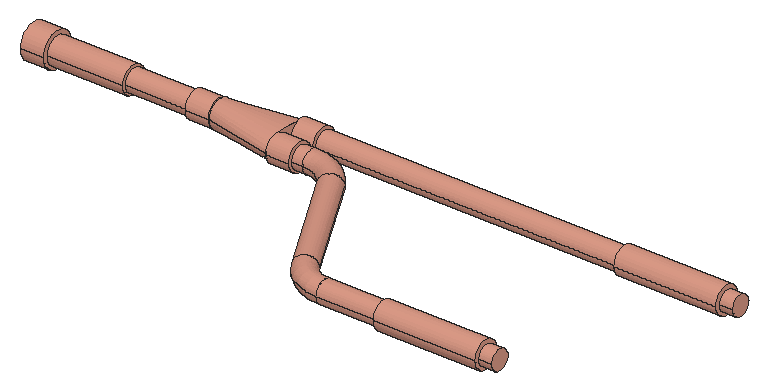
Revit family "outputfile", category 配管付属品, Revit 2024
Family settings
  丸型コネクタ寸法 = 半径を使用
  パーツ タイプ = 標準
  OmniClass 番号 = 23.65.55.00
  OmniClass タイトル = Distribution of Supplied Liquids/Gases
  作業面ベース = いいえ
  常に垂直 = はい
  ロード時にボイドで切り取り = いいえ
  共有 = いいえ
Parameters (values of type "BHRP26A33T")
  Description = ""
  製造元 = "Daikin"
  書き出し IFC クラス(タイプ) = "IfcPipeFittingType"
  定義済み IFC タイプ(タイプ) = "JUNCTION"
  Cost = 0
  Type Comments = ""
  Keynote = ""
  Type Image = (empty or 0)
  Assembly Code = ""
  mm⇔inch [instance] = yes
  l_InletPipe4 = 10.0 mm
  built-in parameter 1114242 [instance] = (empty or 0)
  Default Elevation = 0.0 mm
  モデル = "BHRP26A33T"
  table_StraightPipe [instance] = if(mm⇔inch, "Refnet Joint_BHRP26A-T_Liquid_StraightPipe", "Refnet Joint_BHRP26A-T_Liquid_StraightPipe_inch")  # "Refnet Joint_BHRP26A-T_Liquid_StraightPipe"
  table_BranchPipe [instance] = if(mm⇔inch, "Refnet Joint_BHRP26A-T_Liquid_BranchPipe", "Refnet Joint_BHRP26A-T_Liquid_BranchPipe_inch")  # "Refnet Joint_BHRP26A-T_Liquid_BranchPipe"
  table_Inlet [instance] = if(mm⇔inch, "Refnet Joint_BHRP26A-T_Liquid_Inlet", "Refnet Joint_BHRP26A-T_Liquid_Inlet_inch")  # "Refnet Joint_BHRP26A-T_Liquid_Inlet"
  switch_StraightPipe_Reducer [instance] = if(Is_StraightPipe Reducer = 1, 1 = 1, 1 = 0)  # no
  switch_StraightPipe3 [instance] = if(number_StraightPipe = 3, 1 = 1, 1 = 0)  # no
  switch_StraightPipe2 [instance] = if(number_StraightPipe < 2, 1 = 0, 1 = 1)  # yes
  switch_BranchPipe_Reducer [instance] = if(Is_BranchPipe Reducer = 1, 1 = 1, 1 = 0)  # no
  switch_BranchPipe3 [instance] = if(number_BranchPipe = 3, 1 = 1, 1 = 0)  # no
  switch_BranchPipe2 [instance] = if(number_BranchPipe < 2, 1 = 0, 1 = 1)  # yes
  switch_Inlet pipe_Reducer [instance] = if(Is_Inlet Reducer = 1, 1 = 1, 1 = 0)  # no
  switch_Inlet pipe3 [instance] = if(number_InletPipe = 3, 1 = 1, 1 = 0)  # no
  switch_Inlet pipe2 [instance] = if(number_InletPipe < 2, 1 = 0, 1 = 1)  # yes
  Uniclass2015Version = "Products v1.31"
  Uniclass2015Title = "Copper pipe fittings"
  Uniclass2015Code = "Pr_65_52_63_18"
  URL = ""
  StraightPipe_Liquid_ActualDiameter [instance] = 6.4 mm
  Material_Piping = DAIKIN_Copper_Pipe
  Material_Insulation = DAIKIN_White_Insulation
  lw_Insulation [instance] = size_lookup(table_Inlet, "lw_Insulation", 38.0 mm, モデル)  # 28.0 mm
  Unit Type = "BHRP26A-T_Liquid"
  Tag No. [instance] = ""
  StraightPipe_Liquid_Status [instance] = size_lookup(table_StraightPipe, "Information", "The connected pipe size is not available.", モデル, StraightPipe_Liquid_ActualDiameter)  # "Default connector size is used."
  Link_Nested Family [instance] = ""
  Inlet_Liquid_Actual Diameter [instance] = 12.7 mm
  IfcVersion = ""
  IfcExportType = "JUNCTION"
  IfcExportAs = "IfcPipeFittingType"
  BranchPipe_Liquid_Status [instance] = size_lookup(table_BranchPipe, "Information", "The connected pipe size is not available.", モデル, BranchPipe_Liquid_ActualDiameter)  # "Default connector size is used."
  Inlet_Liquid_Status [instance] = size_lookup(table_Inlet, "Information", "The connected pipe size is not available.", モデル, Inlet_Liquid_Actual Diameter)  # "Default connector size is used."
  Series = "Refnet Joint"
  O.R_dividePipe_Inlet [instance] = (I.D_InletPipe1 + 2.0 mm) / 2  # 5.75 mm
  r_StraightPipe_Connector [instance] = StraightPipe_Liquid_ActualDiameter / 2  # 3.2 mm
  r_BranchPipe_Connector [instance] = BranchPipe_Liquid_ActualDiameter / 2  # 3.2 mm
  r_Inlet_Connector [instance] = Inlet_Liquid_Actual Diameter / 2  # 6.35 mm
  number_StraightPipe [instance] = size_lookup(table_StraightPipe, "pipeNumber", 2, モデル, StraightPipe_Liquid_ActualDiameter)  # 2
  number_BranchPipe [instance] = size_lookup(table_BranchPipe, "pipeNumber", 2, モデル, BranchPipe_Liquid_ActualDiameter)  # 2
  number_InletPipe [instance] = size_lookup(table_Inlet, "pipeNumber", 1, モデル, Inlet_Liquid_Actual Diameter)  # 2
  r_BranchPipeR [instance] = size_lookup(table_BranchPipe, "r_offsetPipeR", 18.0 mm, モデル, BranchPipe_Liquid_ActualDiameter)  # 18.0 mm
  l_BranchPipe_Straight2 [instance] = size_lookup(table_BranchPipe, "L_offsetPipe2", 25.5 mm, モデル)  # 25.5 mm
  l_BranchPipe_Straight1 [instance] = size_lookup(table_BranchPipe, "L_offsetPipe1", 5.0 mm, モデル)  # 5.0 mm
  l_BranchPipe connector [instance] = size_lookup(table_BranchPipe, "Length", 150.0 mm, モデル, BranchPipe_Liquid_ActualDiameter)  # 150.0 mm
  l_inlet connector [instance] = size_lookup(table_Inlet, "Length", 70.0 mm, モデル, Inlet_Liquid_Actual Diameter)  # 80.0 mm
  l_dividePipe [instance] = size_lookup(table_Inlet, "L_devidePipe", 30.0 mm, モデル)  # 30.0 mm
  l_StraightPipeReducer [instance] = size_lookup(table_StraightPipe, "L_Reducer", 80.0 mm, モデル, StraightPipe_Liquid_ActualDiameter)  # 80.0 mm
  l_StraightPipe3 [instance] = size_lookup(table_StraightPipe, "L_Pipe3", 2.0 mm, モデル)  # 2.0 mm
  l_StraightPipe2 [instance] = size_lookup(table_StraightPipe, "L_Pipe2", 6.0 mm, モデル)  # 6.0 mm
  l_StraightPipe1 [instance] = size_lookup(table_StraightPipe, "L_Pipe1", 44.0 mm, モデル)  # 44.0 mm
  l_StraightPipe0 [instance] = size_lookup(table_StraightPipe, "L_Pipe0", 130.0 mm, モデル)  # 130.0 mm
  l_StraightPipe connector [instance] = size_lookup(table_StraightPipe, "Length", 190.0 mm, モデル, StraightPipe_Liquid_ActualDiameter)  # 190.0 mm
  l_BranchPipe Reducer [instance] = size_lookup(table_BranchPipe, "L_Reducer", 50.0 mm, モデル, BranchPipe_Liquid_ActualDiameter)  # 50.0 mm
  l_BranchPipe3 [instance] = size_lookup(table_BranchPipe, "L_Pipe3", 2.0 mm, モデル)  # 2.0 mm
  l_BranchPipe2 [instance] = size_lookup(table_BranchPipe, "L_Pipe2", 6.0 mm, モデル)  # 6.0 mm
  l_BranchPipe1 [instance] = size_lookup(table_BranchPipe, "L_Pipe1", 44.0 mm, モデル)  # 44.0 mm
  l_BranchPipe0 [instance] = size_lookup(table_BranchPipe, "L_Pipe0", 90.0 mm, モデル)  # 90.0 mm
  l_InletReducer [instance] = size_lookup(table_Inlet, "L_Reducer", 80.0 mm, モデル, Inlet_Liquid_Actual Diameter)  # 80.0 mm
  l_InletPipe3 [instance] = size_lookup(table_Inlet, "L_Pipe3", 2.0 mm, モデル)  # 2.0 mm
  l_InletPipe2 [instance] = size_lookup(table_Inlet, "L_Pipe2", 2.0 mm, モデル)  # 10.0 mm
  l_InletPipe1 [instance] = size_lookup(table_Inlet, "L_Pipe1", 7.0 mm, モデル)  # 33.0 mm
  l_InletPipe0 [instance] = size_lookup(table_Inlet, "L_Pipe0", 53.0 mm, モデル)  # 27.0 mm
  center_StraightPipe [instance] = size_lookup(table_StraightPipe, "center_Pipe", 6.5 mm, モデル)  # 6.5 mm
  center_BranchPipe2 [instance] = size_lookup(table_BranchPipe, "center_OffsetPipe", 73.5 mm, モデル)  # 73.5 mm
  center_BranchPipe1 [instance] = size_lookup(table_BranchPipe, "center_Pipe", 6.5 mm, モデル)  # 6.5 mm
  StraightPipe_Liquid_AvailableDiameter [instance] = size_lookup(table_StraightPipe, "sizeVariation", "", モデル)  # "6.4/9.5mm"
  BranchPipe_Liquid_AvailableDiameter [instance] = size_lookup(table_BranchPipe, "sizeVariation", "", モデル)  # "6.4/9.5mm"
  Inlet_Liquid_Available Diameter [instance] = size_lookup(table_Inlet, "sizeVariation", "", モデル)  # "9.5/12.7mm"
  O.D_StraightPipe Reducer [instance] = size_lookup(table_StraightPipe, "O.D_reducer", 2.0 mm, モデル, StraightPipe_Liquid_ActualDiameter)  # 2.0 mm
  O.D_Offset Outlet Reducer [instance] = size_lookup(table_BranchPipe, "O.D_reducer", 2.0 mm, モデル, BranchPipe_Liquid_ActualDiameter)  # 2.0 mm
  O.D_Inlet Reducer [instance] = size_lookup(table_Inlet, "O.D_reducer", 2.0 mm, モデル, Inlet_Liquid_Actual Diameter)  # 2.0 mm
  Is_StraightPipe Reducer [instance] = size_lookup(table_StraightPipe, "IsReducer", 0, モデル, StraightPipe_Liquid_ActualDiameter)  # 0
  Is_BranchPipe Reducer [instance] = size_lookup(table_BranchPipe, "IsReducer", 0, モデル, BranchPipe_Liquid_ActualDiameter)  # 0
  Is_Inlet Reducer [instance] = size_lookup(table_Inlet, "IsReducer", 0, モデル, Inlet_Liquid_Actual Diameter)  # 0
  BranchPipe_Liquid_ActualDiameter [instance] = 6.4 mm
  Attach_Insulation [instance] = no
  I.D_StraightPipe3 [instance] = size_lookup(table_StraightPipe, "I.D_PipeSize3", 2.0 mm, モデル)  # 2.0 mm
  I.D_StraightPipe2 [instance] = size_lookup(table_StraightPipe, "I.D_PipeSize2", 6.4 mm, モデル)  # 6.4 mm
  I.D_StraightPipe1 [instance] = size_lookup(table_StraightPipe, "I.D_PipeSize1", 9.5 mm, モデル)  # 9.5 mm
  I.D_StraightPipe0 [instance] = size_lookup(table_StraightPipe, "I.D_PipeSize0", 7.5 mm, モデル)  # 7.5 mm
  I.D_BranchPipe3 [instance] = size_lookup(table_BranchPipe, "I.D_PipeSize3", 2.0 mm, モデル)  # 2.0 mm
  I.D_BranchPipe2 [instance] = size_lookup(table_BranchPipe, "I.D_PipeSize2", 6.4 mm, モデル)  # 6.4 mm
  I.D_BranchPipe1 [instance] = size_lookup(table_BranchPipe, "I.D_PipeSize1", 9.5 mm, モデル)  # 9.5 mm
  I.D_BranchPipe0 [instance] = size_lookup(table_BranchPipe, "I.D_PipeSize0", 7.5 mm, モデル)  # 7.5 mm
  I.D_Straight Reducer [instance] = size_lookup(table_StraightPipe, "I.D_reducer", 2.0 mm, モデル, StraightPipe_Liquid_ActualDiameter)  # 2.0 mm
  I.D_OutletPipe [instance] = size_lookup(table_Inlet, "I.D_OutletPipeSize", 9.6 mm, モデル, Inlet_Liquid_Actual Diameter)  # 9.6 mm
  I.D_Branch Reducer [instance] = size_lookup(table_BranchPipe, "I.D_reducer", 2.0 mm, モデル, BranchPipe_Liquid_ActualDiameter)  # 2.0 mm
  I.D_Inlet Reducer [instance] = size_lookup(table_Inlet, "I.D_reducer", 2.0 mm, モデル, Inlet_Liquid_Actual Diameter)  # 2.0 mm
  I.D_InletPipe3 [instance] = size_lookup(table_Inlet, "I.D_PipeSize3", 2.0 mm, モデル)  # 2.0 mm
  I.D_InletPipe2 [instance] = size_lookup(table_Inlet, "I.D_PipeSize2", 2.0 mm, モデル)  # 12.7 mm
  I.D_InletPipe1 [instance] = size_lookup(table_Inlet, "I.D_PipeSize1", 9.5 mm, モデル)  # 9.5 mm
  I.D_InletPipe0 [instance] = size_lookup(table_Inlet, "I.D_PipeSize0", 7.5 mm, モデル)  # 7.5 mm
Reference planes
  plane 1 "Center (Front/Back)": y = 0
  plane 2: z = 0
  plane 3 "base_left": x = 0
  plane 4: x = 2
  plane 5: x = 12
  plane 6: x = 45
  plane 7: x = 72
  plane 8: x = 82
  plane 9: x = 112
  plane 10: x = 122
  plane 11 "center_straight outlet": y = 6.5
  plane 12 "center2_offset outlet": y = -73.5
  plane 13 "center1_offset outlet": y = -6.5
  plane 14: x = 252
  plane 15: x = 296
  plane 16: x = 302
  plane 17: x = 212
  plane 18: x = 256
  plane 19: x = 262
  plane 20: x = 304
  plane 21: x = 264
  plane 22 "Reducer_straightoutlet": x = 262
  plane 23: x = 302
  plane 24: y = -12.25
  plane 25: z = 5.75
  plane 26 "Inlet_connector": x = 2
  plane 27 "Left_Insulation": x = 54
Forms (mm)
  SweptBlend 1, solid, material "DAIKIN_Copper_Pipe" <- "Material_Piping"
    path origin (0, 0, 0) x (1, 0, 0) y (0, 1, 0)
      loop
        line (82, 0) -> (112, 0)
    profile origin (82, 0, 0) x (0, 1, 0) y (0, 0, 1)
      loop
        circle (0, 0) r 5.75
    end profile origin (112, 0, 0) x (0, 1, 0) y (0, 0, 1)
      loop
        spline (-12.25, 0) -> (-11.833, -1.488) -> (-10.609, -2.875) -> (-8.662, -4.066) -> (-6.125, -4.98) -> (-3.171, -5.554) -> (0, -5.75) -> (3.171, -5.554) -> (6.125, -4.98) -> (8.662, -4.066) -> (10.609, -2.875) -> (11.833, -1.488) -> (12.25, 0)
        spline (12.25, 0) -> (11.833, 1.488) -> (10.609, 2.875) -> (8.662, 4.066) -> (6.125, 4.98) -> (3.171, 5.554) -> (0, 5.75) -> (-3.171, 5.554) -> (-6.125, 4.98) -> (-8.662, 4.066) -> (-10.609, 2.875) -> (-11.833, 1.488) -> (-12.25, 0)
Dimensions and locks
  "l_InletPipe3": plane 3 "base_left" to plane 4
  "l_InletPipe2": plane 4 to plane 5
  "l_InletPipe1": plane 5 to plane 6
  "l_InletPipe0": plane 6 to plane 7
  "l_InletPipe4": plane 7 to plane 8
  "center_StraightPipe": plane 1 "Center (Front/Back)" to plane 11 "center_straight outlet"
  "center_BranchPipe2": plane 12 "center2_offset outlet" to plane 1 "Center (Front/Back)"
  "center_BranchPipe1": plane 13 "center1_offset outlet" to plane 1 "Center (Front/Back)"
  "l_dividePipe": plane 8 to plane 9
  plane 9 to plane 10 = 10.0 mm
  "l_StraightPipe0": plane 10 to plane 14
  "l_BranchPipe0": plane 10 to plane 17
  "l_BranchPipe1": plane 17 to plane 18
  "l_BranchPipe2": plane 18 to plane 19
  "l_StraightPipe1": plane 14 to plane 15
  "l_StraightPipe2": plane 15 to plane 16
  "l_StraightPipe3": plane 16 to plane 20
  "l_BranchPipe3": plane 19 to plane 21
  "l_BranchPipe connector": plane 9 to plane 22 "Reducer_straightoutlet"
  "l_StraightPipe connector": plane 9 to plane 23
  "O.R_dividePipe_Inlet": plane 24 to plane 13 "center1_offset outlet"
  "O.R_dividePipe_Inlet": plane 25 to plane 2
  "l_inlet connector": plane 26 "Inlet_connector" to plane 8
  "lw_Insulation": plane 27 "Left_Insulation" to plane 8
  "O.R_dividePipe_Inlet": radius of SweptBlend 1 sketch curve
  aligned and locked: level to plane 2
  aligned and locked: plane 2 to nested 1
  aligned and locked: plane 3 "base_left" to nested 1
  aligned and locked: plane 1 "Center (Front/Back)" to nested 1
  aligned and locked: plane 4 to nested 2
  aligned and locked: plane 1 "Center (Front/Back)" to nested 2
  aligned and locked: plane 5 to nested 2
  aligned and locked: plane 5 to nested 3
  aligned and locked: plane 6 to nested 3
  aligned and locked: plane 6 to nested 4
  aligned and locked: nested 4 to plane 7
  aligned and locked: nested 5 to plane 7
  aligned and locked: nested 5 to plane 8
  aligned and locked: plane 8 to SweptBlend 1 sketch curve
  aligned and locked: plane 9 to SweptBlend 1 sketch curve
  aligned and locked: plane 2 to SweptBlend 1 sketch curve  (x2)
  aligned and locked: plane 1 "Center (Front/Back)" to SweptBlend 1 sketch curve  (x2)
  aligned and locked: nested 6 to plane 9
  aligned and locked: nested 7 to plane 9
  aligned and locked: nested 6 to plane 11 "center_straight outlet"
  aligned and locked: nested 7 to plane 13 "center1_offset outlet"
  aligned and locked: nested 7 to plane 10
  aligned and locked: nested 6 to plane 10
  aligned and locked: nested 8 to plane 10
  aligned and locked: plane 14 to nested 8
  aligned and locked: nested 8 to plane 11 "center_straight outlet"
  aligned and locked: plane 14 to nested 9
  aligned and locked: nested 9 to plane 11 "center_straight outlet"
  aligned and locked: plane 15 to nested 9
  aligned and locked: nested 10 to plane 11 "center_straight outlet"
  aligned and locked: plane 15 to nested 10
  aligned and locked: plane 16 to nested 10
  aligned and locked: nested 11 to plane 12 "center2_offset outlet"
  aligned and locked: plane 17 to nested 11
  aligned and locked: plane 18 to nested 11
  aligned and locked: nested 12 to plane 12 "center2_offset outlet"
  aligned and locked: plane 18 to nested 12
  aligned and locked: plane 19 to nested 12
  aligned and locked: nested 13 to plane 10
  aligned and locked: nested 13 to plane 13 "center1_offset outlet"
  aligned and locked: nested 13 to plane 12 "center2_offset outlet"
  aligned and locked: plane 8 to nested 14
  aligned and locked: plane 1 "Center (Front/Back)" to nested 14
  aligned and locked: plane 11 "center_straight outlet" to nested 15
  aligned and locked: nested 15 to plane 9
  aligned and locked: nested 16 to plane 9
  aligned and locked: plane 12 "center2_offset outlet" to nested 16
  aligned and locked: nested 17 to plane 1 "Center (Front/Back)"
  aligned and locked: plane 16 to nested 18
  aligned and locked: plane 20 to nested 18
  aligned and locked: plane 19 to nested 19
  aligned and locked: plane 21 to nested 19
  aligned and locked: nested 20 to plane 12 "center2_offset outlet"
  aligned and locked: plane 23 to nested 21
  aligned and locked: nested 21 to plane 11 "center_straight outlet"
  aligned and locked: plane 4 to nested 1
  aligned and locked: plane 24 to SweptBlend 1 sketch curve
  aligned and locked: plane 25 to SweptBlend 1 sketch curve
  aligned and locked: nested 19 to plane 12 "center2_offset outlet"
  aligned and locked: nested 18 to plane 11 "center_straight outlet"
  aligned and locked: nested 17 to plane 26 "Inlet_connector"
  aligned and locked: plane 22 "Reducer_straightoutlet" to nested 20
  aligned and locked: plane 27 "Left_Insulation" to nested 22
  aligned and locked: plane 1 "Center (Front/Back)" to nested 22
Automatic sketch dimensions
  plane 1 "Center (Front/Back)" to SweptBlend 1 sketch curve = 0.0 mm
Nested families
  nested 1: "daikin_Pipe" at (1, 0, 0), I.D_Pipe <- "I.D_InletPipe3", display <- "switch_Inlet pipe3", type "*"
    with length_Pipe 2.0 mm, display no, O.D_Pipe 4.0 mm, I.D_Pipe 2.0 mm
  nested 2: "daikin_Pipe" at (7, 0, 0), I.D_Pipe <- "I.D_InletPipe2", display <- "switch_Inlet pipe2", type "*"
    with length_Pipe 10.0 mm, display yes, O.D_Pipe 14.7 mm, I.D_Pipe 12.7 mm
  nested 3: "daikin_Pipe" at (28.5, 0, 0), I.D_Pipe <- "I.D_InletPipe1", type "*"
    with length_Pipe 33.0 mm, display yes, O.D_Pipe 11.5 mm, I.D_Pipe 9.5 mm
  nested 4: "daikin_Pipe" at (58.5, 0, 0), I.D_Pipe <- "I.D_InletPipe0", type "*"
    with length_Pipe 27.0 mm, display yes, O.D_Pipe 9.5 mm, I.D_Pipe 7.5 mm
  nested 5: "daikin_Pipe" at (77, 0, 0), I.D_Pipe <- "I.D_InletPipe1", type "*"
    with length_Pipe 10.0 mm, display yes, O.D_Pipe 11.5 mm, I.D_Pipe 9.5 mm
  nested 6: "daikin_Pipe" at (117, 6.5, 0), I.D_Pipe <- "I.D_OutletPipe", type "*"
    with length_Pipe 10.0 mm, display yes, O.D_Pipe 11.6 mm, I.D_Pipe 9.6 mm
  nested 7: "daikin_Pipe" at (117, -6.5, 0), I.D_Pipe <- "I.D_OutletPipe", type "*"
    with length_Pipe 10.0 mm, display yes, O.D_Pipe 11.6 mm, I.D_Pipe 9.6 mm
  nested 8: "daikin_Pipe" at (187, 6.5, 0), I.D_Pipe <- "I.D_StraightPipe0", type "*"
    with length_Pipe 130.0 mm, display yes, O.D_Pipe 9.5 mm, I.D_Pipe 7.5 mm
  nested 9: "daikin_Pipe" at (274, 6.5, 0), I.D_Pipe <- "I.D_StraightPipe1", type "*"
    with length_Pipe 44.0 mm, display yes, O.D_Pipe 11.5 mm, I.D_Pipe 9.5 mm
  nested 10: "daikin_Pipe" at (299, 6.5, 0), I.D_Pipe <- "I.D_StraightPipe2", display <- "switch_StraightPipe2", type "*"
    with length_Pipe 6.0 mm, display yes, O.D_Pipe 8.4 mm, I.D_Pipe 6.4 mm
  nested 11: "daikin_Pipe" at (234, -73.5, 0), I.D_Pipe <- "I.D_BranchPipe1", type "*"
    with length_Pipe 44.0 mm, display yes, O.D_Pipe 11.5 mm, I.D_Pipe 9.5 mm
  nested 12: "daikin_Pipe" at (259, -73.5, 0), I.D_Pipe <- "I.D_BranchPipe2", display <- "switch_BranchPipe2", type "*"
    with length_Pipe 6.0 mm, display yes, O.D_Pipe 8.4 mm, I.D_Pipe 6.4 mm
  nested 13: "daikin_Pipe Ofsset" at (122, -6.5, 0), I.D_Pipe size <- "I.D_BranchPipe0", length_straight pipe1 <- "l_BranchPipe_Straight1", length_straight pipe2 <- "l_BranchPipe_Straight2", r_Pipe R <- "r_BranchPipeR", length_Pipe <- "l_BranchPipe0", type "*"
    with r_Pipe R 18.0 mm, length_straight pipe2 25.5 mm, length_straight pipe1 5.0 mm, length_offset center 67.0 mm, length_Pipe 90.0 mm, O.D_Pipe size 9.5 mm, I.D_Pipe size 7.5 mm
  nested 14: "daikin_connector_rotate2" at (82, 0, 0) x (0, -1, 0) z (0, 0, 1), length <- "l_inlet connector", type "daikin_connector_rotate2"
    with radius 5.0 mm, length 80.0 mm, angle_vertical 90.00°, locaton_mark no
  nested 15: "daikin_connector_rotate2" at (112, 6.5, 0) x (0, 1, 0) z (0, 0, 1), length <- "l_StraightPipe connector", type "daikin_connector_rotate2"
    with radius 5.0 mm, length 190.0 mm, angle_vertical 90.00°, locaton_mark no
  nested 16: "daikin_connector_rotate2" at (112, -73.5, 0) x (0, 1, 0) z (0, 0, 1), length <- "l_BranchPipe connector", type "daikin_connector_rotate2"
    with radius 5.0 mm, length 150.0 mm, angle_vertical 90.00°, locaton_mark no
  nested 17: "daikin_Pipe_reducer" at (42, 0, 0) x (-1, 0, 0) z (0, 0, 1), display <- "switch_Inlet pipe_Reducer", length_Pipe <- "l_InletReducer", I.D_Pipe1 <- "I.D_Inlet Reducer", O.D_Pipe2 <- "O.D_Inlet Reducer", type "*"
    with length_Pipe 80.0 mm, display no, O.D_Pipe2 2.0 mm, O.D_Pipe1 4.0 mm, I.D_Pipe2 0.0 mm, I.D_Pipe1 2.0 mm
  nested 18: "daikin_Pipe" at (303, 6.5, 0), I.D_Pipe <- "I.D_StraightPipe3", display <- "switch_StraightPipe3", type "*"
    with length_Pipe 2.0 mm, display no, O.D_Pipe 4.0 mm, I.D_Pipe 2.0 mm
  nested 19: "daikin_Pipe" at (263, -73.5, 0), I.D_Pipe <- "I.D_BranchPipe3", display <- "switch_BranchPipe3", type "*"
    with length_Pipe 2.0 mm, display no, O.D_Pipe 4.0 mm, I.D_Pipe 2.0 mm
  nested 20: "daikin_Pipe_reducer" at (237, -73.5, 0), I.D_Pipe1 <- "I.D_Branch Reducer", O.D_Pipe2 <- "O.D_Offset Outlet Reducer", length_Pipe <- "l_BranchPipe Reducer", display <- "switch_BranchPipe_Reducer", type "*"
    with length_Pipe 50.0 mm, display no, O.D_Pipe2 2.0 mm, O.D_Pipe1 4.0 mm, I.D_Pipe2 0.0 mm, I.D_Pipe1 2.0 mm
  nested 21: "daikin_Pipe_reducer" at (262, 6.5, 0), I.D_Pipe1 <- "I.D_Straight Reducer", O.D_Pipe2 <- "O.D_StraightPipe Reducer", length_Pipe <- "l_StraightPipeReducer", display <- "switch_StraightPipe_Reducer", type "*"
    with length_Pipe 80.0 mm, display no, O.D_Pipe2 2.0 mm, O.D_Pipe1 4.0 mm, I.D_Pipe2 0.0 mm, I.D_Pipe1 2.0 mm
  nested 22: "daikin_Insulation_RefnetJoint" at (54, 0, 0), I.D_Outlet PipeSize <- "I.D_OutletPipe", type "*"
    with h 41.6 mm, I.D_Outlet PipeSize 9.6 mm, w_Insulation3 26.5 mm, w_Insulation2 33.3 mm, display no
Connectors
  piping at (2, 0, 0), diameter 12.7, driven by "r_Inlet_Connector"
    settings: on nested 14, index 1, connector inside diameter 609.6 mm, connector length 0.0 mm, flow factor 0, pipe flow 0.00 m³/h, pressure drop 0.0 Pa, fitting loss kfactor 0, connector angle 0.00°, fixture units 0, engagement length 0.0 mm, angle of deflection 0.00°, flow configuration 0, flow direction 1, fitting loss method 0, system type 29, joint type 0, gender type 0, connector reference index -1, connector utility 0, adjustable connector no, is connector primary yes, connector description "Refnet Joint_Inlet_Liquid"
  piping at (262, -73.5, 0), diameter 6.4, driven by "r_BranchPipe_Connector"
    settings: on nested 16, index 2, connector inside diameter 609.6 mm, connector length 0.0 mm, flow factor 0, pipe flow 0.00 m³/h, pressure drop 0.0 Pa, fitting loss kfactor 0, connector angle 0.00°, fixture units 0, engagement length 0.0 mm, angle of deflection 0.00°, flow configuration 0, flow direction 2, fitting loss method 0, system type 29, joint type 0, gender type 0, connector reference index -1, connector utility 0, adjustable connector no, is connector primary no, connector description "Refnet Joint_Outlet Branch_Liquid"
  piping at (302, 6.5, 0), diameter 6.4, driven by "r_StraightPipe_Connector"
    settings: on nested 15, index 3, connector inside diameter 609.6 mm, connector length 0.0 mm, flow factor 0, pipe flow 0.00 m³/h, pressure drop 0.0 Pa, fitting loss kfactor 0, connector angle 0.00°, fixture units 0, engagement length 0.0 mm, angle of deflection 0.00°, flow configuration 0, flow direction 2, fitting loss method 0, system type 29, joint type 0, gender type 0, connector reference index -1, connector utility 0, adjustable connector no, is connector primary no, connector description "Refnet Joint_Outlet Straight_Liquid"
Definition of nested family "daikin_Pipe"
  Parameters (values of type "*")
    Default Elevation = 0.0 mm
    material = none
    length_Pipe [instance] = 150.0 mm
    display [instance] = yes
    O.D_Pipe [instance] = I.D_Pipe + 2.0 mm  # 27.0 mm
    I.D_Pipe [instance] = 25.0 mm
  Reference planes
    plane 1 "Center (Front/Back)": y = 0
    plane 2 "center(vertical)": z = 0
    plane 3 "Center (Left/Right)": x = 0
    plane 4 "left": x = -75
    plane 5 "right": x = 75
  Forms (mm)
    Extrusion 1, solid, material <- "material", visible <- "display"
      sketch origin (0, 0, 0) x (0, 1, 0) y (0, 0, 1)
        loop
          circle (0, 0) r 13.5
      from -75 to 75
  Dimensions and locks
    equal spacing: plane 4 "left", plane 3 "Center (Left/Right)", plane 5 "right"
    "length_Pipe": plane 4 "left" to plane 5 "right"
    "O.D_Pipe": diameter of Extrusion 1 sketch curve
    aligned and locked: level to plane 2 "center(vertical)"
    aligned and locked: plane 2 "center(vertical)" to Extrusion 1 sketch curve
    aligned and locked: plane 1 "Center (Front/Back)" to Extrusion 1 sketch curve
    aligned and locked: plane 5 "right" to Extrusion 1
    aligned and locked: Extrusion 1 to plane 4 "left"
Definition of nested family "daikin_Pipe Ofsset"
  Parameters (values of type "*")
    Default Elevation = 0.0 mm
    r_Pipe R [instance] = 18.0 mm
    material = none
    length_straight pipe2 [instance] = 25.5 mm
    length_straight pipe1 [instance] = 5.0 mm
    length_offset center [instance] = 67.5 mm
    length_Pipe [instance] = 90.0 mm
    O.D_Pipe size [instance] = I.D_Pipe size + 2.0 mm  # 12.0 mm
    I.D_Pipe size [instance] = 10.0 mm
  Reference planes
    plane 1 "Center (Front/Back)": y = 0
    plane 2: z = 0
    plane 3 "Center (Left/Right)": x = 0
    plane 4: y = -67.5
    plane 5: x = 90
    plane 6: x = 64.5
    plane 7: x = 5
  Forms (mm)
    Sweep 1, solid, material <- "material"
      path origin (0, 0, 0) x (1, 0, 0) y (0, 1, 0)
        loop
          line (0, 0) -> (5, 0)
          arc (5, 0) -> (14.03, -2.429) -> (20.623, -9.061) r 18
          line (20.623, -9.061) -> (48.877, -58.439)
          arc (48.877, -58.439) -> (55.47, -65.071) -> (64.5, -67.5) r 18
          line (64.5, -67.5) -> (90, -67.5)
      profile origin (2.5, 0, 0) x (0, 1, 0) y (0, 0, 1)
        loop
          circle (0, 0) r 6
  Dimensions and locks
    "length_offset center": plane 4 to plane 1 "Center (Front/Back)"
    "length_straight pipe1": plane 3 "Center (Left/Right)" to plane 7
    "length_Pipe": plane 3 "Center (Left/Right)" to plane 5
    "length_straight pipe2": plane 6 to plane 5
    "O.D_Pipe size": diameter of Sweep 1 sketch curve
    "r_Pipe R": radius of Sweep 1 sketch curve  (x2)
    aligned and locked: level to plane 2
    aligned and locked: plane 1 "Center (Front/Back)" to Sweep 1 sketch curve
    aligned and locked: profile plane to Sweep 1 sketch curve
    aligned and locked: plane 5 to Sweep 1 sketch curve
    aligned and locked: plane 7 to Sweep 1 sketch curve
    aligned and locked: plane 6 to Sweep 1 sketch curve
  Automatic sketch dimensions
    plane 1 "Center (Front/Back)" to Sweep 1 sketch curve = 0.0 mm
    Sweep 1 sketch curve to plane 3 "Center (Left/Right)" = 0.0 mm
    plane 4 to Sweep 1 sketch curve = 0.0 mm
Definition of nested family "daikin_connector_rotate2"
  Parameters (values of type "daikin_connector_rotate2")
    show_face = no
    radius [instance] = 10.0 mm
    locaton_mark = yes
    length [instance] = 600.0 mm
    d_surface = 10.0 mm
    angle_vertical [instance] = 90.00°
    Default Elevation = 0.0 mm
  Reference planes
    plane 1 "Center (Front/Back)": y = 0
    plane 2: z = 0
    plane 3 "Center (Left/Right)": x = 0
  Forms (mm)
    Extrusion 1, solid, visible <- "show_face"
      sketch origin (0, -600, 0) x (1, 0, 0) y (0, 0, 1)
        loop
          circle (0, 0) r 10
      from 0 to -10
  Lines and regions (mm)
    reference lines
      curve 1: line (0, 0, 0) -> (0, -600, 0)
    symbolic lines, visible <- "locaton_mark"
      curve 2: circle (0, 0, 0) r 5 normal (0, 0, 1)
    model lines, visible <- "show_face"
      curve 3: line (0, 0, 0) -> (0, -600, 0)
  Dimensions and locks
    "length": curve 1 to curve 1
    "length": curve 3 to curve 3
    "d_surface": Extrusion 1 to Extrusion 1
    "radius": radius of Extrusion 1 sketch curve
    "angle_vertical": angle curve 1 to plane 1 "Center (Front/Back)"
    "angle_vertical": angle curve 3 to plane 1 "Center (Front/Back)"
    aligned and locked: level to plane 2
    aligned and locked: plane 1 "Center (Front/Back)" to curve 1
    aligned and locked: plane 2 to curve 1
    aligned and locked: plane 1 "Center (Front/Back)" to curve 2
    aligned and locked: plane 3 "Center (Left/Right)" to curve 2
    aligned and locked: plane 1 "Center (Front/Back)" to curve 3
    aligned and locked: plane 2 to curve 3
    aligned and locked: Extrusion 1 to Extrusion 1
  Automatic sketch dimensions
    Extrusion 1 sketch curve to level = 0.0 mm
    Extrusion 1 sketch curve to plane 3 "Center (Left/Right)" = 0.0 mm
    radius of curve 2 = 5.0 mm
Definition of nested family "daikin_Pipe_reducer"
  Parameters (values of type "*")
    Default Elevation = 0.0 mm
    material = none
    length_Pipe [instance] = 250.0 mm
    display [instance] = yes
    O.D_Pipe2 [instance] = 19.1 mm
    O.D_Pipe1 [instance] = I.D_Pipe1 + 2.0 mm  # 24.2 mm
    I.D_Pipe2 [instance] = O.D_Pipe2 - 2.0 mm  # 17.1 mm
    I.D_Pipe1 [instance] = 22.2 mm
  Reference planes
    plane 1 "Center (Front/Back)": y = 0
    plane 2 "center(vertical)": z = 0
    plane 3 "Center (Left/Right)": x = 0
    plane 4 "connection": x = -125
    plane 5 "right": x = 113
    plane 6: x = 125
  Forms (mm)
    Extrusion 1, solid, material <- "material", visible <- "display"
      sketch origin (0, 0, 0) x (0, 1, 0) y (0, 0, 1)
        loop
          circle (0, 0) r 9.55
      from -125 to 113
    Extrusion 2, solid, material <- "material", visible <- "display"
      sketch origin (0, 0, 0) x (0, 1, 0) y (0, 0, 1)
        loop
          circle (0, 0) r 12.1
      from 113 to 125
  Dimensions and locks
    locked: plane 5 "right" to plane 6 at 12
    "length_Pipe": plane 4 "connection" to plane 6
    equal spacing: plane 4 "connection", plane 3 "Center (Left/Right)", plane 6
    "O.D_Pipe2": diameter of Extrusion 1 sketch curve
    "O.D_Pipe1": diameter of Extrusion 2 sketch curve
    aligned and locked: level to plane 2 "center(vertical)"
    aligned and locked: plane 2 "center(vertical)" to Extrusion 1 sketch curve
    aligned and locked: plane 1 "Center (Front/Back)" to Extrusion 1 sketch curve
    aligned and locked: plane 5 "right" to Extrusion 1
    aligned and locked: Extrusion 1 to plane 4 "connection"
    aligned and locked: plane 2 "center(vertical)" to Extrusion 2 sketch curve
    aligned and locked: plane 1 "Center (Front/Back)" to Extrusion 2 sketch curve
    aligned and locked: Extrusion 2 to plane 5 "right"
    aligned and locked: plane 6 to Extrusion 2
Definition of nested family "daikin_Insulation_RefnetJoint"
  Parameters (values of type "*")
    d_Insulation3_3 = size_lookup(table_Insulation, "d_Insulation3_3", 131.5 mm, Model)  # 64.0 mm
    d_Insulation2_2 = size_lookup(table_Insulation, "d_Insulation2_2", 79.0 mm, Model)  # 30.0 mm
    d_Insulation1_1 = size_lookup(table_Insulation, "d_Insulation1_1", 56.0 mm, Model)  # 22.0 mm
    Default Elevation = 0.0 mm
    Model = "BHRP26A22T"
    w_Insulation5 = size_lookup(table_Insulation, "w_Insulation5", 212.0 mm, Model)  # 153.0 mm
    w_Insulation4 = size_lookup(table_Insulation, "w_Insulation4", 67.0 mm, Model)  # 48.6 mm
    w_Insulation3 = size_lookup(table_Insulation, "w_Insulation3", 34.7 mm, Model)  # 22.3 mm
    w_Insulation2 = size_lookup(table_Insulation, "w_Insulation2", 80.0 mm, Model)  # 37.5 mm
    w_Insulation1 = size_lookup(table_Insulation, "w_Insulation1", 22.0 mm, Model)  # 1.0 mm
    table_Insulation = "Refnet Joint_BHRP26A-T_Liquid_Insulation"  # constant formula
    material = none
    h [instance] = (I.D_Outlet PipeSize + 2.0 mm) + 30.0 mm  # 47.0 mm
    display = yes
    d_Insulation3 = size_lookup(table_Insulation, "d_Insulation3", 131.5 mm, Model)  # 63.0 mm
    d_Insulation2 = size_lookup(table_Insulation, "d_Insulation2", 79.0 mm, Model)  # 32.0 mm
    d_Insulation1 = size_lookup(table_Insulation, "d_Insulation1", 56.0 mm, Model)  # 24.0 mm
    I.D_Outlet PipeSize [instance] = 15.0 mm
  Reference planes
    plane 1 "Center (Front/Back)": y = 0
    plane 2: z = 0
    plane 3 "Left": x = 0
    plane 4 "top": z = 23.5
    plane 5 "bottom": z = -23.5
    plane 6: x = 1
    plane 7: x = 37.5
    plane 8: y = 22
    plane 9: y = -24
    plane 10: y = 30
    plane 11: y = -32
    plane 12: y = -97
    plane 13: x = 153
    plane 14: y = -34
    plane 15: x = 59.8
    plane 16: x = 104.4
  Forms (mm)
    Extrusion 1, solid, material <- "material", visible <- "display"
      sketch origin (-21, 0, 0) x (1, 0, 0) y (0, 1, 0)
        loop
          line (22, 22) -> (21, 22) -> (21, -24) -> (22, -24) -> (58.5, -32) -> (80.8, -32) -> (125.4, -97) -> (174, -97) -> (174, -51) -> (164.5, -51)
          arc (164.5, -51) -> (147.5, -34) -> (164.5, -17) r 17
          line (164.5, -17) -> (174, -17) -> (174, 30) -> (58.5, 30) -> (22, 22)
      from -23.5 to 23.5
  Dimensions and locks
    equal spacing: plane 4 "top", plane 2, plane 5 "bottom"
    "h": plane 4 "top" to plane 5 "bottom"
    "w_Insulation1": plane 3 "Left" to plane 6
    "w_Insulation2": plane 3 "Left" to plane 7
    "w_Insulation5": plane 3 "Left" to plane 13
    "w_Insulation3": plane 7 to plane 15
    "w_Insulation4": plane 16 to plane 13
    "d_Insulation1": plane 1 "Center (Front/Back)" to plane 9
    "d_Insulation1_1": plane 8 to plane 1 "Center (Front/Back)"
    "d_Insulation2": plane 1 "Center (Front/Back)" to plane 11
    "d_Insulation2_2": plane 10 to plane 1 "Center (Front/Back)"
    "d_Insulation3_3": plane 10 to plane 14
    "d_Insulation3": plane 14 to plane 12
    Extrusion 1 sketch curve to plane 14 to Extrusion 1 sketch curve = 17.0 mm locked, 17.0 mm locked
    aligned and locked: level to plane 2
    aligned and locked: Extrusion 1 to plane 5 "bottom"
    aligned and locked: plane 4 "top" to Extrusion 1
    aligned and locked: plane 6 to Extrusion 1  (x2)
    aligned and locked: plane 7 to Extrusion 1  (x2)
    aligned and locked: plane 6 to Extrusion 1 sketch curve
    aligned and locked: Extrusion 1 sketch curve to plane 11
    aligned and locked: plane 7 to Extrusion 1 sketch curve  (x2)
    aligned and locked: Extrusion 1 sketch curve to plane 10
    aligned and locked: Extrusion 1 sketch curve to plane 12
    aligned and locked: Extrusion 1 sketch curve to plane 13  (x2)
    aligned and locked: plane 16 to Extrusion 1 sketch curve
    aligned and locked: plane 15 to Extrusion 1 sketch curve
  Automatic sketch dimensions
    Extrusion 1 sketch curve to plane 3 "Left" = 0.0 mm
    Extrusion 1 sketch curve to plane 6 = 0.0 mm
    Extrusion 1 sketch curve to plane 9 = 0.0 mm
    Extrusion 1 sketch curve to plane 8 = 0.0 mm
    Extrusion 1 sketch curve to plane 13 = 9.5 mm
